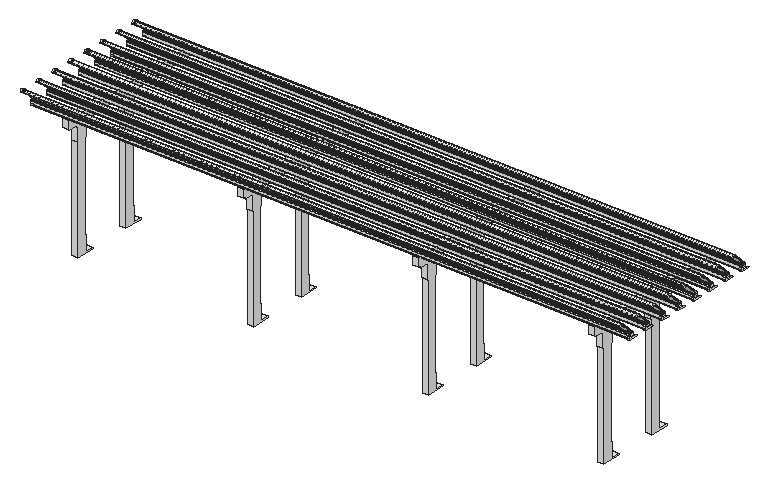
Revit family "Windows_Blinds_Nimex_Solovent_CL1100", category Specialty Equipment, host Face, Revit 2018 (continued)
Definition of nested family "CL1100_800"
  Automatic sketch dimensions
    Extrusion 2 sketch curve to plane 1 "Center (Front/Back)" = 32.539 mm
    plane 8 to Extrusion 2 sketch curve = 11.387 mm  (x8)
    Extrusion 2 sketch curve to Extrusion 2 sketch curve = 0.475 mm  (x8)
    plane 8 to Extrusion 2 sketch curve = 9.048 mm  (x8)
    Extrusion 2 sketch curve to Extrusion 2 sketch curve = 0.581 mm  (x8)
    Extrusion 2 sketch curve to Extrusion 2 sketch curve = 0.877 mm  (x8)
    plane 8 to Extrusion 2 sketch curve = 10.601 mm  (x8)
    Extrusion 2 sketch curve to Extrusion 2 sketch curve = 0.384 mm  (x8)
    plane 8 to Extrusion 2 sketch curve = 9.861 mm  (x8)
    Extrusion 2 sketch curve to Extrusion 2 sketch curve = 0.41 mm  (x8)
    Extrusion 2 sketch curve to Extrusion 2 sketch curve = 7.19 mm  (x8)
    Extrusion 2 sketch curve to Extrusion 2 sketch curve = 0 mm  (x16)
    plane 8 to Extrusion 2 sketch curve = 3.714 mm  (x8)
    Extrusion 2 sketch curve to Extrusion 2 sketch curve = 5.586 mm  (x8)
    plane 8 to Extrusion 2 sketch curve = 2.724 mm  (x8)
    Extrusion 2 sketch curve to Extrusion 2 sketch curve = 0.99 mm  (x16)
    Extrusion 2 sketch curve to Extrusion 2 sketch curve = 59.164 mm  (x8)
    Extrusion 2 sketch curve to Extrusion 2 sketch curve = 0.47 mm  (x16)
    Extrusion 2 sketch curve to Extrusion 2 sketch curve = 0.85 mm  (x8)
    Extrusion 2 sketch curve to Extrusion 2 sketch curve = 0.354 mm  (x17)
    Extrusion 2 sketch curve to Extrusion 2 sketch curve = 0.54 mm  (x8)
    Extrusion 2 sketch curve to Extrusion 2 sketch curve = 0.003 mm  (x16)
    Extrusion 2 sketch curve to Extrusion 2 sketch curve = 0.73 mm  (x8)
    plane 8 to Extrusion 2 sketch curve = 64.974 mm  (x8)
    Extrusion 2 sketch curve to Extrusion 2 sketch curve = 5.584 mm  (x8)
    plane 8 to Extrusion 2 sketch curve = 63.984 mm  (x8)
    Extrusion 2 sketch curve to Extrusion 2 sketch curve = 23.687 mm  (x7)
    plane 8 to Extrusion 2 sketch curve = 78.572 mm  (x7)
    plane 8 to Extrusion 2 sketch curve = 77.722 mm  (x14)
    plane 8 to Extrusion 2 sketch curve = 78.452 mm  (x7)
    Extrusion 2 sketch curve to Extrusion 2 sketch curve = 14.067 mm
    Extrusion 2 sketch curve to Extrusion 2 sketch curve = 0.589 mm
    Extrusion 2 sketch curve to Extrusion 2 sketch curve = 0.377 mm
    Extrusion 3 sketch curve to Extrusion 3 sketch curve = 10 mm
    Extrusion 3 sketch curve to Extrusion 3 sketch curve = 38.008 mm  (x2)
    Extrusion 3 sketch curve to Extrusion 3 sketch curve = 5.992 mm  (x2)
    Extrusion 3 sketch curve to Extrusion 3 sketch curve = 40 mm  (x2)
    Extrusion 3 sketch curve to Extrusion 3 sketch curve = 46 mm
    Extrusion 3 sketch curve to Extrusion 3 sketch curve = 6 mm  (x11)
    Extrusion 3 sketch curve to Extrusion 3 sketch curve = 5 mm  (x2)
    Extrusion 3 sketch curve to Extrusion 3 sketch curve = 39 mm  (x2)
    Extrusion 3 sketch curve to Extrusion 3 sketch curve = 38 mm  (x2)
    Extrusion 3 sketch curve to Extrusion 3 sketch curve = 159 mm
    Extrusion 3 sketch curve to Extrusion 3 sketch curve = 52 mm
    Extrusion 3 sketch curve to Extrusion 3 sketch curve = 300 mm
    Extrusion 3 sketch curve to Extrusion 3 sketch curve = 69 mm  (x2)
    Extrusion 3 sketch curve to Extrusion 3 sketch curve = 120 mm
    Extrusion 3 sketch curve to Extrusion 3 sketch curve = 0 mm  (x3)
    Extrusion 3 sketch curve to Extrusion 3 sketch curve = 68 mm  (x2)
    Extrusion 3 sketch curve to Extrusion 3 sketch curve = 0.008 mm  (x2)
    curve 447 to plane 4 = 0 mm
    curve 447 to plane 5 = 0 mm
    curve 442 to plane 1 "Center (Front/Back)" = 33.314 mm
    curve 442 to curve 443 = 800 mm
    curve 451 to curve 450 = 100 mm
    curve 450 to curve 449 = 100 mm
    curve 449 to curve 448 = 100 mm
    curve 448 to curve 447 = 100 mm
    curve 447 to curve 446 = 100 mm
    curve 446 to curve 445 = 100 mm
    curve 444 to curve 443 = 100 mm
    plane 4 to curve 437 = 0 mm
    curve 441 to plane 5 = 0 mm
    curve 436 to plane 8 = 0 mm
    plane 8 to curve 441 = 95.112 mm
    Extrusion 3 sketch curve to Extrusion 3 sketch curve = 440 mm
    Extrusion 3 sketch curve to Extrusion 3 sketch curve = 74 mm
    Extrusion 4 sketch curve to Extrusion 4 sketch curve = 10 mm
    Extrusion 4 sketch curve to Extrusion 4 sketch curve = 38.008 mm  (x2)
    Extrusion 4 sketch curve to Extrusion 4 sketch curve = 5.992 mm  (x2)
    Extrusion 4 sketch curve to Extrusion 4 sketch curve = 40 mm  (x2)
    Extrusion 4 sketch curve to Extrusion 4 sketch curve = 46 mm
    Extrusion 4 sketch curve to Extrusion 4 sketch curve = 6 mm  (x11)
    Extrusion 4 sketch curve to Extrusion 4 sketch curve = 5 mm  (x2)
    Extrusion 4 sketch curve to Extrusion 4 sketch curve = 39 mm  (x2)
    Extrusion 4 sketch curve to Extrusion 4 sketch curve = 38 mm  (x2)
    Extrusion 4 sketch curve to Extrusion 4 sketch curve = 159 mm
    Extrusion 4 sketch curve to Extrusion 4 sketch curve = 52 mm
    Extrusion 4 sketch curve to Extrusion 4 sketch curve = 300 mm
    Extrusion 4 sketch curve to Extrusion 4 sketch curve = 69 mm  (x2)
    Extrusion 4 sketch curve to Extrusion 4 sketch curve = 120 mm
    Extrusion 4 sketch curve to Extrusion 4 sketch curve = 0 mm  (x3)
    Extrusion 4 sketch curve to Extrusion 4 sketch curve = 68 mm  (x2)
    Extrusion 4 sketch curve to Extrusion 4 sketch curve = 0.008 mm  (x2)
    Extrusion 4 sketch curve to Extrusion 4 sketch curve = 440 mm
    Extrusion 4 sketch curve to Extrusion 4 sketch curve = 74 mm
    Extrusion 5 sketch curve to Extrusion 5 sketch curve = 10 mm
    Extrusion 5 sketch curve to Extrusion 5 sketch curve = 38.008 mm  (x2)
    Extrusion 5 sketch curve to Extrusion 5 sketch curve = 5.992 mm  (x2)
    Extrusion 5 sketch curve to Extrusion 5 sketch curve = 40 mm  (x2)
    Extrusion 5 sketch curve to Extrusion 5 sketch curve = 46 mm
    Extrusion 5 sketch curve to Extrusion 5 sketch curve = 6 mm  (x11)
    Extrusion 5 sketch curve to Extrusion 5 sketch curve = 5 mm  (x2)
    Extrusion 5 sketch curve to Extrusion 5 sketch curve = 39 mm  (x2)
    Extrusion 5 sketch curve to Extrusion 5 sketch curve = 38 mm  (x2)
    Extrusion 5 sketch curve to Extrusion 5 sketch curve = 159 mm
    Extrusion 5 sketch curve to Extrusion 5 sketch curve = 52 mm
    Extrusion 5 sketch curve to Extrusion 5 sketch curve = 300 mm
    Extrusion 5 sketch curve to Extrusion 5 sketch curve = 69 mm  (x2)
    Extrusion 5 sketch curve to Extrusion 5 sketch curve = 120 mm
    Extrusion 5 sketch curve to Extrusion 5 sketch curve = 0 mm  (x3)
    Extrusion 5 sketch curve to Extrusion 5 sketch curve = 68 mm  (x2)
    Extrusion 5 sketch curve to Extrusion 5 sketch curve = 0.008 mm  (x2)
    Extrusion 5 sketch curve to Extrusion 5 sketch curve = 440 mm
    Extrusion 5 sketch curve to Extrusion 5 sketch curve = 74 mm
    plane 6 to curve 438 = 0 mm
    plane 7 to curve 440 = 0 mm
    curve 439 to curve 439 = 637 mm
    curve 438 to curve 439 = 0 mm
    plane 9 to curve 455 = 0 mm
    plane 10 to curve 457 = 0 mm
    curve 456 to curve 456 = 637 mm
    curve 455 to curve 456 = 0 mm
    plane 11 to curve 458 = 0 mm
    plane 12 to curve 460 = 0 mm
    curve 459 to curve 459 = 637 mm
    curve 458 to curve 459 = 0 mm
    Extrusion 6 sketch curve to plane 1 "Center (Front/Back)" = 33.314 mm
    Extrusion 6 sketch curve to plane 4 = 0 mm
    Extrusion 6 sketch curve to plane 5 = 0 mm
    Extrusion 6 sketch curve to plane 1 "Center (Front/Back)" = 833.314 mm
Types (12, lengths in mm): name | Size | ObjectType | NominalDepth | Model
  (no name) | "500 - 4000 x 800 x 735 mm" | CL1100_800 : CL1100_800 | 800 | "CL1100 - 800 mm"
  CL1100 - 1800 mm | "500 - 4000 x 1800 x 735 mm" | CL1100_1000+ : CL1100_1000+ | 1800 | "CL1100 - 1800 mm"
  CL1100 - 1700 mm | "500 - 4000 x 1700 x 735 mm" | CL1100_1000+ : CL1100_1000+ | 1700 | "CL1100 - 1700 mm"
  CL1100 - 1600 mm | "500 - 4000 x 1600 x 735 mm" | CL1100_1000+ : CL1100_1000+ | 1600 | "CL1100 - 1600 mm"
  CL1100 - 1500 mm | "500 - 4000 x 1500 x 735 mm" | CL1100_1000+ : CL1100_1000+ | 1500 | "CL1100 - 1500 mm"
  CL1100 - 1400 mm | "500 - 4000 x 1400 x 735 mm" | CL1100_1000+ : CL1100_1000+ | 1400 | "CL1100 - 1400 mm"
  CL1100 - 1300 mm | "500 - 4000 x 1300 x 735 mm" | CL1100_1000+ : CL1100_1000+ | 1300 | "CL1100 - 1300 mm"
  CL1100 - 1200 mm | "500 - 4000 x 1200 x 735 mm" | CL1100_1000+ : CL1100_1000+ | 1200 | "CL1100 - 1200 mm"
  CL1100 - 1100 mm | "500 - 4000 x 1100 x 735 mm" | CL1100_1000+ : CL1100_1000+ | 1100 | "CL1100 - 1100 mm"
  CL1100 - 1000 mm | "500 - 4000 x 1000 x 735 mm" | CL1100_1000+ : CL1100_1000+ | 1000 | "CL1100 - 1000 mm"
  CL1100 - 900 mm | "500 - 4000 x 900 x 735 mm" | CL1100_900 : CL1100_900 | 900 | "CL1100 - 900 mm"
  CL1100 - 800 mm | "500 - 4000 x 800 x 735 mm" | CL1100_800 : CL1100_800 | 800 | "CL1100 - 800 mm"
